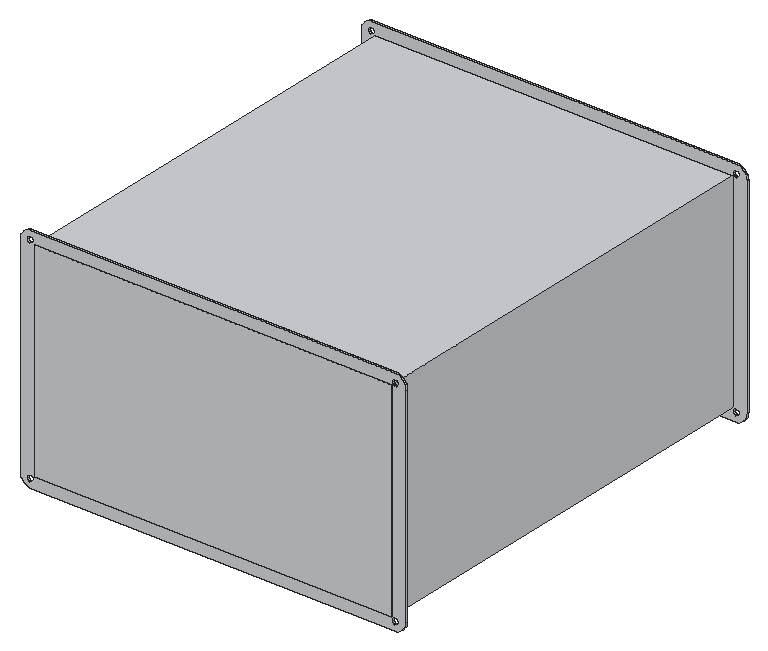
Revit family "BVN_BSKF", category Mechanical Equipment, Revit 2019
Family settings
  Round Connector Dimension = Use Diameter
  Part Type = Breaks Into
  OmniClass Number = 23.75.00.00
  OmniClass Title = Climate Control (HVAC)
  Work Plane-Based = No
  Always vertical = Yes
  Cut with Voids When Loaded = No
  Shared = No
  Room Calculation Point = No
Parameters (values of type "BSKF 60-35")
  Weight = 44.00 kg
  Voltage = 380 V
  URL = "http://www.bahcivanmotor.com.tr/index.php"
  Speed ( d/d ) = 1200
  Sound Pressure Level dB(A) = 62
  Sac = -2 mm
  Protection Class = 44
  Power = 1755 W
  Model = "BSKF"
  Material = none
  Manufacturer = "Bahçıvan Elektrik Motor San. ve Tic. Ltd. Şti."
  Insulation Class = "F"
  G = 390 mm
  Frequency = 50 Hz
  F = 650 mm
  E = 360 mm
  Description = "Duct Fan"
  D = 615 mm
  Corners = 20 mm
  Capacitor = 0
  C = 720 mm
  B = 600 mm
  Air Flow = 4250.0 m³/h
  Current = 3.2 A
  A = 350 mm
Types (5, lengths in mm): name | Weight | Voltage | Speed ( d/d ) | Sound Pressure Level dB(A) | Power | G | F | E | D | Corners | Capacitor | C | B | Air Flow | Current | A
  BSKF 40-20 | 14.00 kg | 230 V | 1590 | 53 | 315 W | 240 | 440 | 215 | 415 | 15 | 6 | 502 | 400 | 990.0 m³/h | 1.41 A | 200
  BSKF 50-25 | 19.00 kg | 230 V | 1300 | 55 | 635 W | 290 | 540 | 260 | 515 | 20 | 10 | 532 | 500 | 1750.0 m³/h | 2.7 A | 250
  BSKF 60-30 | 36.00 kg | 380 V | 1200 | 60 | 1335 W | 340 | 640 | 310 | 615 | 20 | 0 | 642 | 600 | 2950.0 m³/h | 2.43 A | 300
  BSKF 60-35 | 44.00 kg | 380 V | 1200 | 62 | 1755 W | 390 | 650 | 360 | 615 | 20 | 0 | 720 | 600 | 4250.0 m³/h | 3.2 A | 350
  BSKF 50-30 | 23.00 kg | 230 V | 1300 | 58 | 675 W | 340 | 540 | 310 | 515 | 20 | 10 | 562 | 500 | 2100.0 m³/h | 3 A | 300
Reference planes
  plane 1 "Center (Front/Back)": y = 0
  plane 2: z = 0
  plane 3 "Center (Left/Right)": x = 0
  plane 4: z = 175
  plane 5: z = -175
  plane 6: x = -300
  plane 7: x = 300
  plane 8: y = 360
  plane 9: y = -360
  plane 10: z = 195
  plane 11: z = -195
  plane 12: x = 325
  plane 13: x = -325
Forms (mm)
  Extrusion 1, solid
    sketch origin (0, 0, 0) x (1, 0, 0) y (0, 0, 1)
      loop
        line (-300, 175) -> (-300, -175) -> (300, -175) -> (300, 175) -> (-300, 175)
    from -360 to 360
  Extrusion 2, solid
    sketch origin (0, -360, 0) x (1, 0, 0) y (0, 0, 1)
      loop
        arc (-305, 195) -> (-319.142, 189.142) -> (-325, 175) r 20
        line (-325, 175) -> (-325, -175)
        arc (-325, -175) -> (-319.142, -189.142) -> (-305, -195) r 20
        line (-305, -195) -> (305, -195)
        arc (305, -195) -> (319.142, -189.142) -> (325, -175) r 20
        line (325, -175) -> (325, 175)
        arc (325, 175) -> (319.142, 189.142) -> (305, 195) r 20
        line (305, 195) -> (-305, 195)
    from 0 to -2 <- "Sac"
  Extrusion 3, solid
    sketch origin (0, 360, 0) x (-1, 0, 0) y (0, 0, 1)
      loop
        arc (-305, 195) -> (-319.142, 189.142) -> (-325, 175) r 20
        line (-325, 175) -> (-325, -175)
        arc (-325, -175) -> (-319.142, -189.142) -> (-305, -195) r 20
        line (-305, -195) -> (305, -195)
        arc (305, -195) -> (319.142, -189.142) -> (325, -175) r 20
        line (325, -175) -> (325, 175)
        arc (325, 175) -> (319.142, 189.142) -> (305, 195) r 20
        line (305, 195) -> (-305, 195)
    from 0 to -2 <- "Sac"
  Extrusion 4, void
    sketch origin (0, 0, 0) x (1, 0, 0) y (0, 0, 1)
      loop
        circle (-307.5, 180) r 5
      loop
        circle (-307.5, -180) r 5
      loop
        circle (307.5, -180) r 5
      loop
        circle (307.5, 180) r 5
    from -1002.988 to 1152.151
Cuts and joins
  Extrusion 4 cuts Extrusion 2
  Extrusion 4 cuts Extrusion 3
Dimensions and locks
  equal spacing: plane 7, plane 3 "Center (Left/Right)", plane 6
  "B": plane 7 to plane 6
  equal spacing: plane 4, level, plane 5
  "A": plane 4 to plane 5
  equal spacing: plane 8, plane 1 "Center (Front/Back)", plane 9
  "C": plane 8 to plane 9
  equal spacing: plane 12, plane 3 "Center (Left/Right)", plane 13
  "F": plane 12 to plane 13
  equal spacing: plane 10, level, plane 11
  "G": plane 10 to plane 11
  "D": Extrusion 4 sketch curve to Extrusion 4 sketch curve  (x2)
  equal spacing: Extrusion 4 sketch curve, plane 3 "Center (Left/Right)", Extrusion 4 sketch curve  (x2)
  equal spacing: Extrusion 4 sketch curve, level, Extrusion 4 sketch curve  (x2)
  "E": Extrusion 4 sketch curve to Extrusion 4 sketch curve  (x2)
  "Corners": radius of Extrusion 2 sketch curve  (x4)
  "Corners": radius of Extrusion 3 sketch curve  (x4)
  radius of cut or joined group of Extrusion 2, Extrusion 4 = 5 mm  (x3)
  diameter of cut or joined group of Extrusion 3, Extrusion 4 = 10 mm
  aligned and locked: level to plane 2
  aligned and locked: plane 7 to Extrusion 1
  aligned and locked: Extrusion 1 to plane 5
  aligned and locked: Extrusion 1 to plane 6
  aligned and locked: Extrusion 1 to plane 4
  aligned and locked: plane 8 to Extrusion 1
  aligned and locked: Extrusion 1 to plane 9
  aligned and locked: Extrusion 2 sketch curve to plane 10
  aligned and locked: plane 13 to Extrusion 2 sketch curve
  aligned and locked: plane 11 to Extrusion 2 sketch curve
  aligned and locked: Extrusion 2 sketch curve to plane 12
  aligned and locked: Extrusion 2 to Extrusion 3 sketch curve  (x4)
Automatic sketch dimensions
  plane 6 to Extrusion 1 sketch curve = 0 mm
  Extrusion 1 sketch curve to plane 7 = 0 mm
  plane 5 to Extrusion 1 sketch curve = 0 mm
  Extrusion 1 sketch curve to plane 4 = 0 mm
  radius of Extrusion 4 sketch curve = 5 mm  (x4)
Connectors
  hvac at (0, 360, 0), driven by "A", driven by "B", driven by "Air Flow"
    settings: on Extrusion 1, index 1, duct flow 4250.0 m³/h, flow factor 0, pres drop 0.0 Pa, loss coef 0, conn angle 0.00°, conn width 600 mm, conn height 350 mm, conn diameter 609.6 mm, duct sys type 29, conn prof type 1, flow config 0, flow direction 0, loss method 0, conn ref index -1, conn util no, is conn primary yes, conn desc ""
  hvac at (0, -360, 0), driven by "A", driven by "B", driven by "Air Flow"
    settings: on Extrusion 1, index 2, duct flow 4250.0 m³/h, flow factor 0, pres drop 0.0 Pa, loss coef 0, conn angle 0.00°, conn width 600 mm, conn height 350 mm, conn diameter 609.6 mm, duct sys type 29, conn prof type 1, flow config 0, flow direction 0, loss method 0, conn ref index -1, conn util no, is conn primary no, conn desc ""
  electrical at (0, 0, 175)
    settings: on Extrusion 1, index 3, voltage 0 V, apparent load 0 VA, apparent load phase1 0 VA, apparent load phase2 0 VA, apparent load phase3 0 VA, power factor 1, load classification "Other", number of poles 1, system type 30, power factor state 1, is connector primary yes, connector utility no, sub classification motor no, connector description ""
